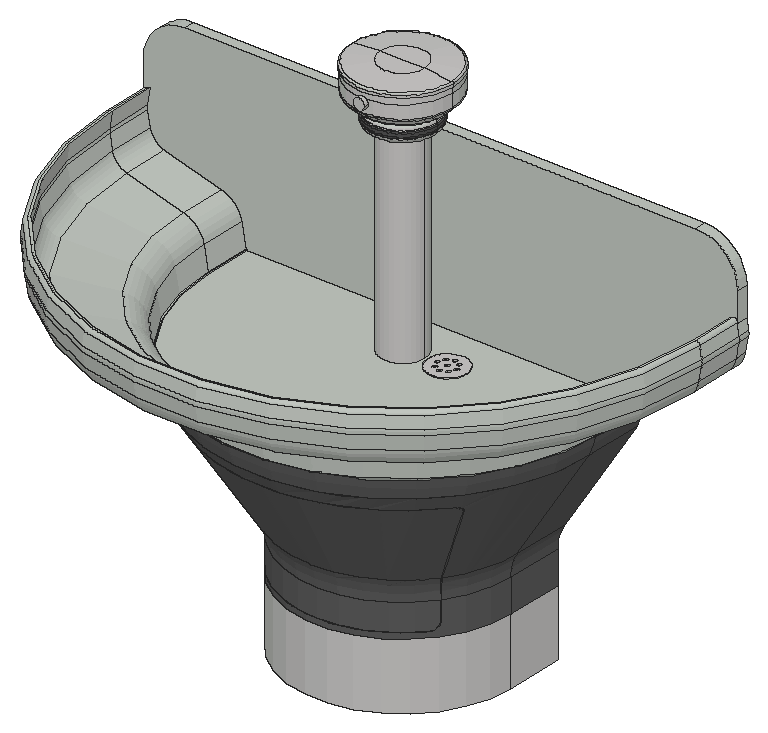
Revit family "Washfountain_Lavatory-Bradley_Corp-TDB3104-Type_O_Drain", category Plumbing Fixtures, Revit 2012 (continued)
Automatic sketch dimensions
  Masking region 10 sketch curve to Masking region 10 sketch curve = 2.26828"
  Masking region 10 sketch curve to Masking region 10 sketch curve = 1.96371"
  Masking region 10 sketch curve to Masking region 10 sketch curve = 0.06777"
  Masking region 10 sketch curve to Masking region 10 sketch curve = 0.05262"
  Masking region 10 sketch curve to Masking region 10 sketch curve = 0.05237"
  Masking region 10 sketch curve to Masking region 10 sketch curve = 0.04824"
  curve 76 to Masking region 10 sketch curve = 0.37547"
  Masking region 10 sketch curve to Masking region 10 sketch curve = 0.1256"
  Masking region 10 sketch curve to curve 76 = 6.000"
  Masking region 10 sketch curve to Masking region 10 sketch curve = 1.14812"
  Masking region 10 sketch curve to Masking region 10 sketch curve = 0.60673"
  Masking region 10 sketch curve to Masking region 10 sketch curve = 1.250"  (x3)
  Masking region 10 sketch curve to Masking region 10 sketch curve = 0.62453"
  Revolve 21 sketch curve to curve 93 = 0.000"
  curve 93 to Revolve 21 sketch curve = 2.34747"
  curve 93 to Revolve 21 sketch curve = 17.3806"
  Revolve 21 sketch curve to Revolve 21 sketch curve = 0.8244"
  curve 93 to Revolve 21 sketch curve = 4.14039"
  Revolve 21 sketch curve to Revolve 21 sketch curve = 0.6261"
  curve 93 to Revolve 21 sketch curve = 3.69531"
  Revolve 21 sketch curve to Revolve 21 sketch curve = 0.44508"
  Revolve 21 sketch curve to Revolve 21 sketch curve = 0.46258"
  Revolve 21 sketch curve to Revolve 21 sketch curve = 2.66242"
  Revolve 21 sketch curve to Revolve 21 sketch curve = 0.000"  (x2)
  Revolve 21 sketch curve to Revolve 21 sketch curve = 0.05225"
  Revolve 21 sketch curve to Revolve 21 sketch curve = 0.49985"
  Revolve 21 sketch curve to Revolve 21 sketch curve = 0.64475"
  curve 93 to Revolve 22 sketch curve = 0.33431"
  curve 93 to Revolve 22 sketch curve = 17.3806"
  Revolve 22 sketch curve to Revolve 22 sketch curve = 0.0755"
  curve 93 to Revolve 22 sketch curve = 0.19977"
  Revolve 22 sketch curve to Revolve 22 sketch curve = 0.12394"
  curve 93 to Revolve 22 sketch curve = 2.4951"
  Revolve 22 sketch curve to Revolve 22 sketch curve = 0.07322"  (x2)
  Revolve 22 sketch curve to Revolve 22 sketch curve = 0.17678"  (x2)
  Revolve 22 sketch curve to Revolve 22 sketch curve = 0.60355"
  Revolve 22 sketch curve to Revolve 22 sketch curve = 0.52145"
  Revolve 22 sketch curve to Revolve 22 sketch curve = 0.090"  (x2)
  Revolve 22 sketch curve to Revolve 22 sketch curve = 0.00375"  (x2)
  Revolve 22 sketch curve to Revolve 22 sketch curve = 0.345"  (x2)
  Revolve 22 sketch curve to curve 93 = 0.00105"
  Revolve 22 sketch curve to Revolve 22 sketch curve = 2.44356"
  Revolve 22 sketch curve to Revolve 22 sketch curve = 2.008"
  Revolve 22 sketch curve to Revolve 22 sketch curve = 0.000"  (x2)
  Revolve 22 sketch curve to Revolve 22 sketch curve = 0.59145"
  Revolve 22 sketch curve to Revolve 22 sketch curve = 0.11758"
  Revolve 22 sketch curve to Revolve 22 sketch curve = 0.3125"
  Revolve 22 sketch curve to Revolve 22 sketch curve = 0.10008"
  Revolve 22 sketch curve to Revolve 22 sketch curve = 0.780"
  Revolve 22 sketch curve to Revolve 22 sketch curve = 0.23564"
  Revolve 22 sketch curve to Revolve 22 sketch curve = 1.250"
  curve 78 to Extrusion 24 sketch curve = 17.88289"
  Extrusion 24 sketch curve to Extrusion 24 sketch curve = 0.30809"  (x2)
  Extrusion 24 sketch curve to Extrusion 24 sketch curve = 11.61805"
  Masking region 12 sketch curve to curve 76 = 0.000"
  curve 76 to Masking region 12 sketch curve = 0.06766"
  curve 76 to Masking region 12 sketch curve = 0.24582"
  Masking region 12 sketch curve to Masking region 12 sketch curve = 4.00418"
  Masking region 12 sketch curve to Masking region 12 sketch curve = 3.89922"
  Masking region 12 sketch curve to Masking region 12 sketch curve = 0.36971"
  curve 76 to Masking region 12 sketch curve = 6.000"
  Masking region 12 sketch curve to curve 76 = 6.000"
  Masking region 12 sketch curve to curve 76 = 8.336"
  Revolve 26 sketch curve to plane 3 "Center (Left/Right)" = 0.000"  (x2)
  Revolve 26 sketch curve to plane 3 "Center (Left/Right)" = 5.80902"
  Revolve 26 sketch curve to Revolve 26 sketch curve = 0.30809"
  plane 8 "Sensor Module" to Revolve 26 sketch curve = 1.125"
  plane 7 "Soap Dispenser" to Revolve 26 sketch curve = 2.000"
  Masking region 13 sketch curve to curve 78 = 0.000"
  curve 78 to Masking region 13 sketch curve = 17.82127"
  Masking region 13 sketch curve to Masking region 13 sketch curve = 0.36971"  (x2)
  Masking region 13 sketch curve to Masking region 13 sketch curve = 3.80902"  (x2)
  Masking region 13 sketch curve to Masking region 13 sketch curve = 4.000"
  Masking region 13 sketch curve to Masking region 13 sketch curve = 2.336"
  curve 78 to Masking region 14 sketch curve = 0.0051"
  curve 78 to Masking region 14 sketch curve = 1.000"
  Masking region 14 sketch curve to Masking region 14 sketch curve = 0.12469"
  Masking region 14 sketch curve to Masking region 14 sketch curve = 0.04799"  (x2)
  Masking region 14 sketch curve to Masking region 14 sketch curve = 0.05262"  (x4)
  Masking region 14 sketch curve to Masking region 14 sketch curve = 0.06777"  (x2)
  Masking region 14 sketch curve to Masking region 14 sketch curve = 1.97625"
  Masking region 14 sketch curve to Masking region 14 sketch curve = 1.96945"
  Masking region 14 sketch curve to Masking region 14 sketch curve = 1.83957"
  Masking region 14 sketch curve to Masking region 14 sketch curve = 4.000"
  Masking region 14 sketch curve to Masking region 14 sketch curve = 1.85542"
  Masking region 14 sketch curve to Masking region 14 sketch curve = 2.18569"
  Masking region 14 sketch curve to Masking region 14 sketch curve = 1.9536"
  Masking region 14 sketch curve to Masking region 14 sketch curve = 0.1256"
  Masking region 14 sketch curve to Masking region 14 sketch curve = 0.64327"
  curve 78 to Masking region 14 sketch curve = 1.64327"
  Masking region 14 sketch curve to Masking region 14 sketch curve = 1.250"  (x6)
  Masking region 14 sketch curve to Masking region 14 sketch curve = 0.60673"  (x2)
  Masking region 14 sketch curve to Masking region 14 sketch curve = 0.69646"
  Masking region 14 sketch curve to Masking region 14 sketch curve = 1.19222"
  Masking region 14 sketch curve to Masking region 14 sketch curve = 1.63954"
  Masking region 14 sketch curve to Masking region 14 sketch curve = 0.64012"
  curve 78 to curve 86 = 0.375"
  curve 78 to curve 86 = 17.84438"
  curve 86 to curve 87 = 0.1256"
  curve 87 to curve 88 = 0.04799"
  curve 88 to curve 89 = 0.05262"
  curve 89 to curve 90 = 0.05262"
  curve 90 to curve 91 = 0.06777"
  curve 91 to curve 92 = 3.80902"
  curve 92 to curve 92 = 4.000"
  curve 92 to curve 91 = 3.82464"
  curve 91 to curve 90 = 0.05216"
  curve 90 to curve 89 = 0.05262"
  curve 89 to curve 88 = 0.05262"
  curve 88 to curve 87 = 0.04799"
  curve 87 to curve 86 = 0.1256"
  curve 87 to curve 86 = 0.625"
  curve 88 to curve 87 = 0.64327"
  curve 89 to curve 88 = 1.250"
  curve 90 to curve 89 = 1.250"
  curve 91 to curve 90 = 1.250"
  curve 92 to curve 91 = 0.60673"
  curve 117 to curve 123 = 6.03209"
  curve 117 to curve 123 = 0.1374"
  curve 122 to curve 120 = 1.91103"
  curve 118 to plane 11 "Pedestal Height" = 4.11066"
  curve 120 to curve 121 = 3.37372"
  curve 121 to curve 118 = 0.4143"
  curve 123 to curve 118 = 0.32395"
  curve 122 to curve 118 = 8.23389"
  curve 121 to curve 122 = 1.64456"
  curve 121 to curve 121 = 0.15272"
  curve 75 to curve 126 = 14.06648"
  curve 38 to curve 37 = 0.48269"
  curve 28 to curve 32 = 2.97915"
  curve 32 to curve 32 = 3.28041"
  plane 3 "Center (Left/Right)" to curve 36 = 7.33372"
  curve 128 to curve 87 = 0.08709"
  curve 87 to curve 129 = 0.08709"
  Extrusion 18 sketch curve to Extrusion 18 sketch curve = 2.250"
  curve 26 to Extrusion 18 = 0.000"  (x3)
  curve 130 to Extrusion 18 = 2.60156"
  curve 130 to curve 130 = 1.000"
  Extrusion 18 to curve 130 = 1.95703"
  curve 27 to Extrusion 19 = 0.000"  (x3)
  curve 131 to Extrusion 19 = 2.60156"
  curve 131 to curve 131 = 1.000"
  Extrusion 19 to curve 131 = 1.95703"
  curve 115 to curve 125 = 0.750"
  curve 115 to curve 116 = 13.81241"
  curve 115 to curve 116 = 13.97075"
  curve 116 to curve 125 = 7.08673"
  curve 115 to curve 116 = 13.19587"
  curve 116 to curve 116 = 0.80228"
  curve 132 to curve 116 = 3.000"
  Extrusion 27 sketch curve to plane 3 "Center (Left/Right)" = 0.000"
  plane 1 "Center (Front/Back)" to Extrusion 27 sketch curve = 5.250"
  Masking region 21 sketch curve to plane 1 "Center (Front/Back)" = 0.000"
  Masking region 21 sketch curve to plane 3 "Center (Left/Right)" = 0.000"
  Masking region 21 sketch curve to plane 5 "Right" = 0.0193"
  Masking region 21 sketch curve to Masking region 21 sketch curve = 5.250"
  Masking region 22 sketch curve to plane 3 "Center (Left/Right)" = 0.000"
  plane 1 "Center (Front/Back)" to Masking region 22 sketch curve = 0.6745"
  Masking region 22 sketch curve to Masking region 22 sketch curve = 4.5755"
  Masking region 23 sketch curve to plane 3 "Center (Left/Right)" = 3.52868"
  Masking region 23 sketch curve to plane 3 "Center (Left/Right)" = 9.02868"
  Masking region 23 sketch curve to plane 3 "Center (Left/Right)" = 0.06458"
  Masking region 23 sketch curve to Masking region 23 sketch curve = 2.000"  (x3)
  plane 3 "Center (Left/Right)" to Masking region 23 sketch curve = 0.06458"
  plane 3 "Center (Left/Right)" to Masking region 23 sketch curve = 3.52868"
  plane 1 "Center (Front/Back)" to Masking region 23 sketch curve = 2.11186"  (x2)
  Masking region 23 sketch curve to Masking region 23 sketch curve = 3.4641"
  Masking region 23 sketch curve to Masking region 23 sketch curve = 3.57574"
  Masking region 23 sketch curve to Masking region 23 sketch curve = 0.11164"  (x2)
  Masking region 23 sketch curve to plane 3 "Center (Left/Right)" = 0.000"
  plane 1 "Center (Front/Back)" to Masking region 23 sketch curve = 5.250"
  plane 1 "Center (Front/Back)" to Masking region 23 sketch curve = 2.04741"
  curve 151 to plane 3 "Center (Left/Right)" = 1.58013"
  plane 1 "Center (Front/Back)" to curve 151 = 2.98686"
  curve 151 to plane 3 "Center (Left/Right)" = 7.08013"
  curve 151 to curve 151 = 9.52628"
  curve 152 to plane 3 "Center (Left/Right)" = 0.06458"
  plane 1 "Center (Front/Back)" to curve 152 = 2.11186"
  curve 152 to curve 151 = 1.51554"
  curve 152 to curve 151 = 0.875"
  plane 3 "Center (Left/Right)" to curve 153 = 0.06458"
  plane 1 "Center (Front/Back)" to curve 153 = 2.11186"
  plane 3 "Center (Left/Right)" to curve 153 = 5.56458"
  curve 153 to curve 152 = 0.000"
  plane 1 "Center (Front/Back)" to curve 154 = 2.98686"
  curve 154 to curve 153 = 1.51554"
  plane 3 "Center (Left/Right)" to curve 154 = 1.58013"
  curve 153 to curve 154 = 0.875"
  Masking region 24 sketch curve to plane 3 "Center (Left/Right)" = 6.17873"
  plane 1 "Center (Front/Back)" to Masking region 24 sketch curve = 3.06766"
  Masking region 24 sketch curve to plane 3 "Center (Left/Right)" = 0.000"
  Masking region 24 sketch curve to Masking region 24 sketch curve = 2.27254"
  plane 1 "Center (Front/Back)" to curve 155 = 3.06766"
  curve 155 to curve 155 = 2.27254"
  curve 156 to plane 3 "Center (Left/Right)" = 0.000"
  curve 156 to curve 156 = 4.17808"
  curve 157 to curve 156 = 2.27254"
  Masking region 15 sketch curve to curve 93 = 0.000"
  curve 93 to Masking region 15 sketch curve = 17.3806"
  Masking region 15 sketch curve to Masking region 15 sketch curve = 0.8244"  (x3)
  curve 93 to Masking region 15 sketch curve = 4.64024"
  Masking region 15 sketch curve to Masking region 15 sketch curve = 0.6261"  (x2)
  curve 93 to Masking region 15 sketch curve = 3.69531"  (x2)
  Masking region 15 sketch curve to Masking region 15 sketch curve = 0.44508"  (x2)
  Masking region 15 sketch curve to Masking region 15 sketch curve = 0.46258"
  curve 93 to Masking region 15 sketch curve = 5.10281"
  Masking region 15 sketch curve to Masking region 15 sketch curve = 0.67992"  (x2)
  Masking region 15 sketch curve to Masking region 15 sketch curve = 4.000"
  Masking region 15 sketch curve to Masking region 15 sketch curve = 0.66242"
  curve 93 to Masking region 15 sketch curve = 4.14039"
  curve 93 to Masking region 15 sketch curve = 2.34747"
  Masking region 15 sketch curve to Masking region 15 sketch curve = 0.49985"  (x2)
  Masking region 15 sketch curve to Masking region 15 sketch curve = 0.96851"
  Masking region 15 sketch curve to Masking region 15 sketch curve = 0.52344"
  curve 93 to Masking region 25 sketch curve = 19.9561"
  Masking region 25 sketch curve to Masking region 25 sketch curve = 4.000"
  curve 93 to Masking region 25 sketch curve = 13.414"
  Masking region 25 sketch curve to Masking region 25 sketch curve = 8.31119"
  Masking region 26 sketch curve to plane 9 "Spray Head" = 1.40781"
  plane 1 "Center (Front/Back)" to Masking region 26 sketch curve = 7.250"
  plane 1 "Center (Front/Back)" to Masking region 26 sketch curve = 3.250"
  Masking region 26 sketch curve to Masking region 26 sketch curve = 8.31119"
  curve 78 to Extrusion 23 sketch curve = 0.375"  (x2)
  curve 78 to Extrusion 23 sketch curve = 17.84438"
  Extrusion 23 sketch curve to Extrusion 23 sketch curve = 0.1256"  (x2)
  Extrusion 23 sketch curve to Extrusion 23 sketch curve = 0.04799"  (x2)
  Extrusion 23 sketch curve to Extrusion 23 sketch curve = 0.05262"  (x4)
  Extrusion 23 sketch curve to Extrusion 23 sketch curve = 0.06777"  (x2)
  Extrusion 23 sketch curve to curve 78 = 0.000"
  Extrusion 23 sketch curve to Extrusion 23 sketch curve = 1.97754"
  Extrusion 23 sketch curve to Extrusion 23 sketch curve = 2.0248"  (x2)
  Extrusion 23 sketch curve to Extrusion 23 sketch curve = 7.56845"
  Extrusion 23 sketch curve to Extrusion 23 sketch curve = 0.39386"
  Extrusion 23 sketch curve to Extrusion 23 sketch curve = 0.60673"  (x2)
  Extrusion 23 sketch curve to Extrusion 23 sketch curve = 1.250"  (x6)
  Extrusion 23 sketch curve to Extrusion 23 sketch curve = 0.625"
  Extrusion 23 sketch curve to Extrusion 23 sketch curve = 0.64327"
  curve 163 to plane 13 = 0.000"
  curve 78 to plane 1 "Center (Front/Back)" = 0.000"
  curve 78 to plane 4 "Left" = 0.000"
  curve 163 to plane 4 "Left" = 0.000"
  plane 4 "Left" to curve 78 = 3.000"
  curve 163 to curve 163 = 5.000"
  curve 76 to curve 163 = 2.3402"
  Revolve 25 sketch curve to curve 163 = 0.000"
  curve 163 to Revolve 25 sketch curve = 15.84438"
  Revolve 25 sketch curve to Revolve 25 sketch curve = 0.1256"
  Revolve 25 sketch curve to Revolve 25 sketch curve = 0.04799"
  Revolve 25 sketch curve to Revolve 25 sketch curve = 0.05262"  (x2)
  Revolve 25 sketch curve to Revolve 25 sketch curve = 0.06777"
  Revolve 25 sketch curve to Revolve 25 sketch curve = 1.97754"
  Revolve 25 sketch curve to Revolve 25 sketch curve = 2.0248"
  Revolve 25 sketch curve to Revolve 25 sketch curve = 4.17808"
  Revolve 25 sketch curve to Revolve 25 sketch curve = 0.000"
  Revolve 25 sketch curve to Revolve 25 sketch curve = 4.31808"
  Revolve 25 sketch curve to Revolve 25 sketch curve = 0.60673"
  Revolve 25 sketch curve to Revolve 25 sketch curve = 1.250"  (x2)
  Revolve 25 sketch curve to Revolve 25 sketch curve = 0.64327"
  Revolve 25 sketch curve to curve 163 = 3.000"
  curve 123 to curve 123 = 0.88737"
  curve 121 to curve 119 = 0.80829"
  curve 76 to curve 79 = 0.06766"
  curve 76 to curve 84 = 0.06766"
  curve 76 to curve 80 = 0.06766"
  curve 76 to curve 83 = 0.06766"
  curve 76 to curve 81 = 0.06766"
  curve 76 to curve 82 = 0.06766"
  curve 76 to curve 85 = 0.24582"
  curve 85 to curve 85 = 4.00418"
  curve 85 to curve 84 = 3.89922"
  curve 84 to curve 83 = 0.06777"
  curve 83 to curve 82 = 0.05262"
  curve 82 to curve 81 = 0.05237"
  curve 81 to curve 79 = 0.13532"
  curve 79 to curve 80 = 0.03851"
  curve 85 to curve 76 = 6.000"
  curve 85 to curve 84 = 0.60673"
  curve 84 to curve 83 = 1.250"
  curve 83 to curve 82 = 1.250"
  curve 82 to curve 81 = 1.250"
  curve 79 to curve 76 = 1.000"
  curve 76 to curve 80 = 0.37547"
  curve 75 to curve 126 = 13.80112"
  curve 126 to curve 126 = 6.43074"
  curve 75 to curve 126 = 11.80099"
  curve 126 to curve 126 = 0.51104"
  curve 70 to curve 74 = 0.000"
  curve 71 to curve 74 = 0.000"
  curve 74 to curve 70 = 16.43542"
  curve 70 to curve 72 = 3.56458"
  curve 72 to curve 73 = 4.000"
  curve 73 to curve 71 = 3.56458"
  curve 72 to curve 72 = 12.56207"
  curve 73 to curve 71 = 1.1875"
  curve 72 to curve 70 = 1.1875"
  curve 164 to curve 74 = 0.000"
  curve 165 to curve 74 = 0.000"
  curve 166 to curve 72 = 0.000"
  curve 72 to curve 164 = 0.000"
  curve 73 to curve 167 = 0.000"
  curve 165 to curve 73 = 0.000"
  curve 165 to curve 73 = 0.500"
  curve 70 to curve 171 = 1.06293"
  curve 169 to curve 168 = 0.500"
  curve 167 to curve 167 = 0.6875"
  curve 166 to curve 166 = 0.6875"
  Extrusion 28 sketch curve to plane 3 "Center (Left/Right)" = 5.45295"
  Extrusion 28 sketch curve to plane 3 "Center (Left/Right)" = 0.06458"
  plane 1 "Center (Front/Back)" to Extrusion 28 sketch curve = 2.11186"  (x2)
  Extrusion 28 sketch curve to Extrusion 28 sketch curve = 0.11164"  (x2)
  plane 3 "Center (Left/Right)" to Extrusion 28 sketch curve = 0.06458"
  plane 1 "Center (Front/Back)" to Extrusion 28 sketch curve = 2.04741"
  Extrusion 28 sketch curve to plane 3 "Center (Left/Right)" = 0.000"
  Extrusion 28 sketch curve to plane 13 = 0.0902"
  Extrusion 28 sketch curve to Extrusion 28 sketch curve = 2.000"
  Masking region 6 sketch curve to curve 23 = 0.000"  (x2)
  curve 23 to Masking region 6 sketch curve = 1.375"  (x2)
  Masking region 6 sketch curve to curve 23 = 27.16612"
  Masking region 6 sketch curve to Masking region 6 sketch curve = 1.94856"  (x2)
  Masking region 6 sketch curve to Masking region 6 sketch curve = 3.4641"
  Masking region 6 sketch curve to Masking region 6 sketch curve = 3.56458"  (x2)
  Masking region 6 sketch curve to Masking region 6 sketch curve = 4.000"  (x2)
  Masking region 6 sketch curve to curve 23 = 14.625"
  Masking region 6 sketch curve to Masking region 6 sketch curve = 13.250"
  Masking region 6 sketch curve to Masking region 6 sketch curve = 0.6875"
  Masking region 6 sketch curve to Masking region 6 sketch curve = 0.000"
  Masking region 6 sketch curve to Masking region 6 sketch curve = 1.000"
  Masking region 6 sketch curve to Masking region 6 sketch curve = 5.08013"  (x2)
  Masking region 6 sketch curve to curve 23 = 4.396"
  Masking region 11 sketch curve to curve 77 = 0.000"  (x2)
  curve 77 to Masking region 11 sketch curve = 2.11186"
  Masking region 11 sketch curve to curve 77 = 1.750"
  curve 77 to Masking region 11 sketch curve = 2.250"  (x2)
  Masking region 11 sketch curve to Masking region 11 sketch curve = 5.26314"
  Masking region 11 sketch curve to curve 77 = 1.375"
  Masking region 11 sketch curve to Masking region 11 sketch curve = 1.125"
  Masking region 11 sketch curve to curve 77 = 4.396"
  curve 77 to Masking region 11 sketch curve = 14.625"
  Masking region 11 sketch curve to Masking region 11 sketch curve = 0.6875"
  curve 77 to Masking region 11 sketch curve = 15.3125"
  Masking region 11 sketch curve to Masking region 11 sketch curve = 1.13814"
  Masking region 11 sketch curve to Masking region 11 sketch curve = 1.000"
  Masking region 11 sketch curve to Masking region 11 sketch curve = 2.000"
  curve 55 to curve 41 = 0.000"
  curve 42 to curve 41 = 1.375"
  curve 41 to curve 42 = 15.10875"
  curve 45 to curve 68 = 0.000"
  curve 42 to curve 64 = 0.97689"
  curve 65 to curve 64 = 0.000"  (x2)
  curve 42 to curve 56 = 1.19195"
  curve 56 to curve 57 = 0.55422"
  curve 58 to curve 41 = 0.28075"
  curve 57 to curve 58 = 0.55422"
  curve 58 to curve 57 = 0.10867"
  curve 45 to curve 68 = 2.750"
  curve 59 to curve 68 = 0.41612"
  curve 59 to curve 59 = 0.10867"
  curve 59 to curve 59 = 0.55422"  (x2)
  curve 58 to curve 55 = 0.72769"
  curve 44 to curve 54 = 1.52868"
  curve 55 to curve 43 = 0.41987"
  curve 54 to curve 46 = 1.93542"
  curve 47 to curve 48 = 0.12917"
  curve 48 to curve 51 = 1.51554"
  curve 51 to curve 55 = 0.41987"
  curve 48 to curve 54 = 1.93542"
  curve 55 to curve 61 = 0.6198"
  curve 61 to curve 61 = 0.10868"
  curve 61 to curve 61 = 0.55428"
  curve 54 to curve 49 = 1.52868"
  curve 69 to curve 60 = 0.30835"
  curve 69 to curve 67 = 0.97815"
  curve 66 to curve 67 = 0.000"  (x2)
  curve 49 to curve 69 = 2.750"
  curve 63 to curve 41 = 0.28109"
  curve 69 to curve 63 = 0.45004"
  curve 63 to curve 63 = 0.55428"  (x2)
  curve 63 to curve 63 = 0.10868"
  curve 69 to curve 53 = 2.750"
  curve 58 to curve 57 = 0.04026"
  curve 61 to curve 61 = 0.04027"
  curve 62 to curve 69 = 1.09391"
  curve 69 to curve 67 = 2.59985"
  curve 42 to curve 64 = 2.60219"
  curve 66 to curve 66 = 2.000"
  curve 67 to curve 66 = 0.000"
  curve 64 to curve 65 = 2.000"
  curve 64 to curve 65 = 0.000"
  curve 66 to curve 69 = 6.90015"
  curve 64 to curve 68 = 7.14781"
  curve 69 to curve 49 = 1.750"
  curve 68 to curve 45 = 1.500"
  curve 49 to curve 49 = 0.6875"
  curve 136 to curve 77 = 0.000"
  curve 77 to curve 133 = 2.11186"
  curve 136 to curve 77 = 2.01314"
  curve 133 to curve 144 = 1.13814"
  curve 134 to curve 77 = 0.88814"
  curve 141 to curve 77 = 0.8822"
  curve 141 to curve 142 = 0.39728"
  curve 141 to curve 77 = 0.16493"
  curve 77 to curve 140 = 0.15505"
  curve 77 to curve 139 = 0.8067"
  curve 77 to curve 144 = 2.250"
  curve 144 to curve 138 = 1.625"
  curve 142 to curve 77 = 0.28075"
  curve 142 to curve 138 = 2.19381"
  curve 143 to curve 143 = 0.31998"  (x2)
  curve 143 to curve 143 = 0.39728"
  curve 138 to curve 134 = 4.76314"
  curve 141 to curve 141 = 0.17192"
  curve 143 to curve 137 = 0.48399"
  curve 77 to curve 139 = 3.97656"
  curve 77 to curve 139 = 4.97656"
  curve 77 to curve 138 = 12.875"
  curve 138 to curve 134 = 1.750"
  curve 133 to curve 144 = 0.6875"
  curve 133 to curve 144 = 0.000"
  curve 127 to plane 10 "Rim Height" = 0.000"
  curve 146 to plane 3 "Center (Left/Right)" = 0.000"
  curve 161 to plane 3 "Center (Left/Right)" = 0.000"
  plane 11 "Pedestal Height" to curve 146 = 1.2109"  (x2)
  curve 146 to plane 5 "Right" = 7.26529"
  curve 161 to curve 146 = 0.15796"
  curve 127 to plane 5 "Right" = 0.19211"
  plane 4 "Left" to curve 127 = 0.19211"
  curve 146 to curve 162 = 2.89551"
  curve 161 to curve 146 = 142.79964"
  curve 117 to plane 12 = 10.9722"
  curve 122 to curve 123 = 1.80577"
  plane 13 to Masking region 9 sketch curve = 9.6598"
  Masking region 9 sketch curve to plane 12 = 10.10815"
  plane 7 "Soap Dispenser" to curve 161 = 99.72413"
  Extrusion 8 sketch curve to plane 3 "Center (Left/Right)" = 0.000"
  Extrusion 8 sketch curve to plane 13 = 0.0902"
  plane 4 "Left" to Extrusion 8 sketch curve = 9.50758"
  Extrusion 8 sketch curve to plane 13 = 0.09385"
  plane 3 "Center (Left/Right)" to Extrusion 8 sketch curve = 4.000"
  plane 1 "Center (Front/Back)" to Extrusion 8 sketch curve = 0.99695"
  curve 148 to curve 159 = 0.000"  (x2)
  curve 172 to curve 173 = 0.000"  (x2)
  curve 172 to curve 174 = 0.000"  (x2)
  curve 148 to plane 3 "Center (Left/Right)" = 0.000"
  curve 172 to plane 13 = 0.09385"
  curve 160 to plane 13 = 0.0902"
  curve 160 to plane 5 "Right" = 10.57205"
  curve 150 to plane 5 "Right" = 0.5193"
  curve 147 to plane 5 "Right" = 0.0193"
  plane 4 "Left" to curve 147 = 0.0193"
  plane 1 "Center (Front/Back)" to curve 149 = 0.99695"
  curve 177 to plane 13 = 0.09385"
  curve 181 to plane 13 = 0.09385"
  plane 3 "Center (Left/Right)" to curve 177 = 4.87771"
  curve 177 to curve 178 = 0.25708"
  curve 177 to curve 176 = 0.25708"
  curve 176 to curve 172 = 0.62063"
  curve 176 to curve 175 = 0.62063"
  curve 178 to curve 179 = 0.62063"
  curve 179 to curve 180 = 0.62063"
  curve 175 to curve 182 = 0.62063"
  curve 182 to curve 181 = 0.25708"
  curve 175 to curve 172 = 0.87771"
  curve 176 to curve 177 = 0.62063"
  curve 182 to curve 181 = 0.62063"
  plane 13 to curve 178 = 0.52678"
  plane 13 to curve 180 = 0.52678"
  curve 180 to curve 179 = 0.25708"
  Split face 3 sketch curve to cut or joined group of Extrusion 23, Revolve 25 = 0.000"  (x3)
  Revolve 31 sketch curve to curve 163 = 0.000"
  Revolve 31 sketch curve to Revolve 31 sketch curve = 0.000"
  curve 163 to Revolve 31 sketch curve = 1.000"
  Revolve 31 sketch curve to Revolve 31 sketch curve = 6.11711"
  Revolve 31 sketch curve to Revolve 31 sketch curve = 0.06162"
  Revolve 31 sketch curve to Revolve 31 sketch curve = 1.09645"
  Revolve 31 sketch curve to curve 163 = 1.30227"
  Extrusion 32 sketch curve to curve 163 = 0.000"
  curve 163 to Extrusion 32 sketch curve = 15.82127"
  Extrusion 32 sketch curve to Extrusion 32 sketch curve = 0.06162"  (x2)
  Extrusion 32 sketch curve to Extrusion 32 sketch curve = 12.23423"
  curve 93 to Extrusion 33 sketch curve = 1.45871"
  curve 93 to Extrusion 33 sketch curve = 21.9561"
  curve 93 to Extrusion 34 sketch curve = 1.45871"
  curve 93 to Extrusion 34 sketch curve = 21.9561"
  curve 104 to Masking region 27 sketch curve = 0.95871"
  Masking region 27 sketch curve to curve 104 = 4.91915"
  Masking region 27 sketch curve to Masking region 27 sketch curve = 0.34365"
  Masking region 27 sketch curve to Masking region 27 sketch curve = 1.000"
  curve 104 to Masking region 28 sketch curve = 1.20871"
  Masking region 28 sketch curve to curve 104 = 4.5755"
  Masking region 28 sketch curve to Masking region 28 sketch curve = 0.0755"
  Masking region 28 sketch curve to Masking region 28 sketch curve = 0.500"
  curve 104 to plane 4 "Left" = 0.000"
  curve 93 to plane 13 = 0.0902"
  plane 4 "Left" to curve 93 = 5.0439"
  curve 183 to plane 3 "Center (Left/Right)" = 4.221"
  plane 3 "Center (Left/Right)" to curve 183 = 4.779"
  plane 1 "Center (Front/Back)" to curve 104 = 1.250"
  plane 12 to curve 183 = 12.16265"
  curve 183 to curve 184 = 1.45871"
  curve 183 to curve 184 = 4.221"
  curve 185 to plane 3 "Center (Left/Right)" = 0.000"
  curve 185 to plane 13 = 0.0902"
  curve 93 to curve 94 = 2.34747"
  curve 93 to curve 94 = 17.3806"
  curve 93 to curve 95 = 0.56995"
  curve 94 to curve 95 = 0.0755"
  curve 94 to curve 100 = 1.4505"
  curve 101 to curve 100 = 0.000"
  curve 100 to curve 99 = 0.090"
  curve 101 to curve 98 = 0.090"
  curve 98 to curve 97 = 1.035"
  curve 96 to curve 97 = 0.000"  (x2)
  curve 97 to curve 97 = 4.000"
  curve 97 to curve 98 = 1.035"
  curve 99 to curve 98 = 0.000"
  curve 99 to curve 103 = 0.090"
  curve 98 to curve 102 = 0.090"
  curve 96 to curve 95 = 2.500"
  curve 95 to curve 94 = 0.0755"
  curve 96 to curve 94 = 0.8244"
  curve 97 to curve 96 = 0.52344"
  curve 101 to curve 97 = 0.44508"
  curve 99 to curve 98 = 0.49985"
  plane 3 "Center (Left/Right)" to Extrusion 30 sketch curve = 1.500"
  plane 3 "Center (Left/Right)" to Extrusion 30 sketch curve = 0.500"
  Extrusion 30 sketch curve to Extrusion 30 sketch curve = 2.000"
  Extrusion 30 sketch curve to Extrusion 30 sketch curve = 4.250"
  curve 124 to plane 1 "Center (Front/Back)" = 0.000"
  curve 145 to plane 6 "Towel Dispenser" = 0.000"
  curve 145 to plane 13 = 2.0902"
  plane 13 to curve 145 = 1.9098"
  curve 111 to plane 9 "Spray Head" = 0.44508"
  plane 13 to curve 111 = 2.9448"
  curve 111 to curve 111 = 0.090"
  plane 13 to curve 124 = 9.6598"
  level to curve 124 = 6.020"
  radius of Extrusion 14 sketch curve to Extrusion 8 = 0.000"
  radius of Extrusion 14 sketch curve to Extrusion 8 = 1.5658"
  radius of Extrusion 14 sketch curve = 0.1842"  (x8)
  radius of curve 22 to Extrusion 14 = 0.40649"
  radius of Extrusion 15 sketch curve = 2.000"
  radius of Extrusion 17 sketch curve = 2.000"
  radius of Extrusion 27 sketch curve = 2.000"
  radius of Extrusion 8 sketch curve = 1.750"
  radius of curve 172 = 1.750"
  radius of curve 173 = 1.34351"
  radius of curve 174 = 0.1842"
  radius of curve 182 = 0.1842"
  radius of curve 175 = 0.1842"
  radius of curve 176 = 0.1842"
  radius of curve 177 = 0.1842"
  radius of curve 178 = 0.1842"
  radius of curve 179 = 0.1842"
  radius of curve 180 = 0.1842"
  radius of curve 181 = 0.1842"
  radius of Extrusion 33 sketch curve = 0.500"
  radius of Extrusion 34 sketch curve = 0.250"
  radius of curve 184 = 0.500"
  radius of curve 185 = 3.750"
Connectors (in)
  piping at (-0.875, -4, 47.414), driven by "Hot Lavatory Inlet Radius", driven by "HWFU"
    settings: on Extrusion 29, index 1, connector radius 1/4", flow factor 0, pipe flow 0.0 GPM, pressure drop 0.0 psi, fitting loss kfactor 0, connector angle 0.00°, fixture units 0, engagement length 0.000", flow configuration 3, flow direction 1, fitting loss method 0, system type 19, joint type 0, gender type 0, connector reference index -1, connector utility 0, adjustable connector no, is connector primary yes, fitting loss table "", connector description "Hot Lavatory Inlet"
  piping at (0.875, -4, 47.414), driven by "Cold Lavatory Inlet Radius", driven by "CWFU"
    settings: on Extrusion 29, index 2, connector radius 1/4", flow factor 0, pipe flow 0.0 GPM, pressure drop 0.0 psi, fitting loss kfactor 0, connector angle 0.00°, fixture units 0, engagement length 0.000", flow configuration 3, flow direction 1, fitting loss method 0, system type 20, joint type 0, gender type 0, connector reference index -1, connector utility 0, adjustable connector no, is connector primary no, fitting loss table "", connector description "Cold Lavatory Inlet"
  piping at (4, 0, 13.25), driven by "Drain Primary Radius", driven by "WFU"
    settings: on Extrusion 30, index 3, connector radius 1", flow factor 0, pipe flow 0.0 GPM, pressure drop 0.0 psi, fitting loss kfactor 0, connector angle 0.00°, fixture units 0, engagement length 0.000", flow configuration 3, flow direction 2, fitting loss method 0, system type 16, joint type 0, gender type 0, connector reference index -1, connector utility 0, adjustable connector yes, is connector primary no, fitting loss table "", connector description "Drain Primary"
  piping at (4, -5.25, 0), driven by "Drain Secondary Radius", driven by "WFU"
    settings: on Extrusion 35, index 4, connector radius 1", flow factor 0, pipe flow 0.0 GPM, pressure drop 0.0 psi, fitting loss kfactor 0, connector angle 0.00°, fixture units 0, engagement length 0.000", flow configuration 3, flow direction 2, fitting loss method 0, system type 16, joint type 0, gender type 0, connector reference index -1, connector utility 0, adjustable connector yes, is connector primary no, fitting loss table "", connector description "Drain Secondary"
  electrical at (1, 0, 8), driven by "Voltage"
    settings: on Extrusion 30, index 5, voltage 110 V, apparent load 0 VA, apparent load phase1 0 VA, apparent load phase2 0 VA, apparent load phase3 0 VA, power factor 1, load classification "Other", number of poles 1, system type 31, power factor state 1, is connector primary yes, connector utility no, sub classification motor no, connector description ""
Types (3): name | Towel Dispenser Height | Supply Height | Standard Height | Spray Head Height | Soap Dispenser Height | Sensor Module Height | Rim Height | Model ID | Juvenile Height
  (no name) | 51.810" | 47.414" | yes | 43.719" | 55.750" | 47.414" | 34.000" | 2 | no
  Juvenile | 47.810" | 43.414" | no | 39.719" | 51.250" | 43.414" | 30.000" | 1 | yes
  Standard | 51.810" | 47.414" | yes | 43.719" | 55.750" | 47.414" | 34.000" | 2 | no
